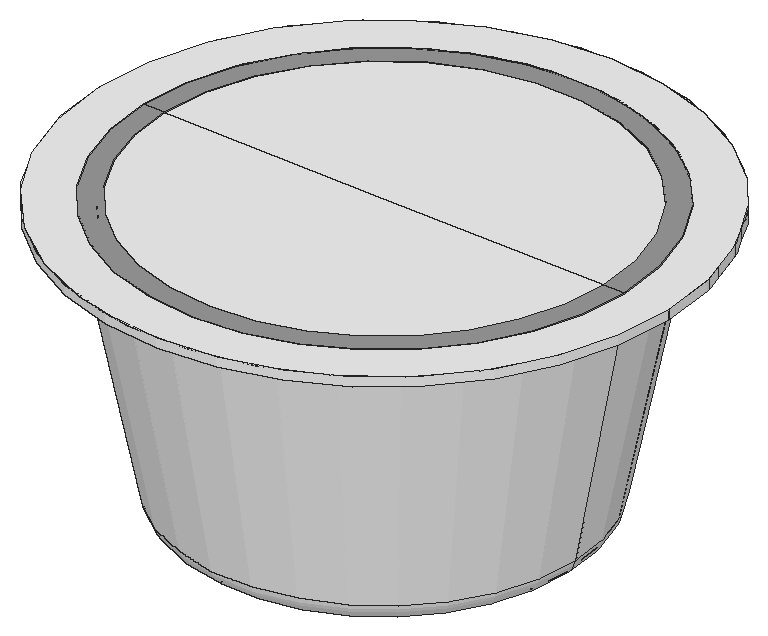
Revit family "2060698", category Lighting Fixtures, host Face, Revit 2018
Family settings
  Host = Face
  Round Connector Dimension = Use Diameter
  Part Type = Normal
  OmniClass Number = 23.80.70.11.17
  OmniClass Title = Specialized Lighting by Location or Use
  Cut with Voids When Loaded = No
  Light Source = Yes
  Shared = No
  Room Calculation Point = No
Parameters (values of type "2060698 ASC100 II ARCH 940 3K IP65 DALI 160")
  WidthBezelAcc_SYL = 25.0 mm
  Weight = "n/a"
  Wattage = 7 W
  WarrantyStartDate [instance] = "n/a"
  WarrantyGuarantorParts = "n/a"
  WarrantyDurationUnit = "n/a"
  WarrantyDurationParts = ""
  WarrantyDescription = "http://www.sylvania-lighting.com"
  built-in parameter 1150110 = 1 (stored number, unit not read)
  Voltage = 0 V
  VisibilityAccessory_SYL = no
  TypeName = "ASCENT 100 II ARCH 940 3K IP65 DALI 160"
  built-in parameter 1114217 = 1 (stored number, unit not read)
  Tilt Angle = -90°
  built-in parameter 1150109 = 1 (stored number, unit not read)
  built-in parameter 1150134 = (empty or 0)
  built-in parameter 1150113 = 1 (stored number, unit not read)
  SerialNumber [instance] = "n/a"
  ReflectorRadius_SYL = Radius_SYL - 14.5 mm  # 80.0 mm
  RadiusAcc_SYL = 104.5 mm
  Radius_SYL = 94.5 mm
  URL = "0.95"
  PowerFactor = 0
  PowerConsumption = "Lighting"
  Photometric Web File = "2060698.ies"
  NominalWidth = 0.0 mm
  NominalLength = 209.0 mm
  NominalHeight = 94.0 mm
  Name = "ASCENT 100 II ARCH 940 3K IP65 DALI 160"
  ModelReference = "ASCENT 100 II ARCH 940 3K IP65 DALI 160"
  ModelNumber = "2060698"
  Material_4_SYL = none
  Material_3_SYL = Polycarbonate_Sylvania_Ascent_Opal
  Material_2_SYL = Aluminium_Sylvania_Ascent_Silver
  Material_1_SYL = Aluminum_Sylvania_Ascent_White
  Material = "Feilo Sylvania"
  ManufacturerName = "134 lm/W"
  LuminousEfficacy = ""
  built-in parameter 1150105 = 76.872 (stored number, unit not read)
  Lumens = 966 lm
  LuminaireType = "0"
  built-in parameter 1150115 = 1 (stored number, unit not read)
  LightOutputRatio = "LED"
  built-in parameter 1150137 = (empty or 0)
  built-in parameter 1150139 = (empty or 0)
  LampsType = Lamp  # "n/a"
  LampNominalLuminous = "3000 K"
  LampMacAdamStep = "80"
  LampColourTemperature = "LED"
  LampColourRenderingIndex = "16500"
  built-in parameter 1150112 = 1 (stored number, unit not read)
  built-in parameter 1150114 = 1 (stored number, unit not read)
  Keynote = "n/a"
  InstallationDate [instance] = "n/a"
  InputVoltage = "0"
  InputNominalFrequency = "3000"
  built-in parameter 1150132 = (empty or 0)
  built-in parameter 1150102 = (empty or 0)
  built-in parameter 1150107 = 3000 (stored number, unit not read)
  built-in parameter 1150138 = (empty or 0)
  IngressProtection = "IfcLightFixtureType"
  ImpactProtectionIndex = "IfcLightFixtureType"
  built-in parameter 1150106 = 0.76872 (stored number, unit not read)
  IfcExportType = "IfcLightFixtureType"
  IfcExportAs = "Class II"
  HeightAcc_SYL = 7.0 mm
  Height = 96.0 mm
  ExpectedLife = 50000
  EmittionSurface_SYL = if(VisibilityAccessory_SYL, 7.0 mm, 3.0 mm)  # 3.0 mm
  Emit from Circle Diameter = DiffuserRadius_SYL * 2  # 146.0 mm
  Emit Shape Visible in Rendering = no
  ElectricShockClassification = "134"
  built-in parameter 1150104 = 12.821 (stored number, unit not read)
  DurationUnit = "hours"
  DocumentationLiterature = "http://www.sylvania-lighting.com/product/en-int/products/2060698"
  DimmingControlOptions = "n/a"
  Dimming Lamp Color Temperature Shift = <None>
  DiffuserRadius_SYL = ReflectorRadius_SYL - 7.0 mm  # 73.0 mm
  Diameter_SYL = 2 * Radius_SYL  # 189.0 mm
  CutoutDiameter_SYL = Diameter_SYL - 13.0 mm  # 176.0 mm
  CreatedOn = "08/06/2021"
  CreatedBy = "@sylvania-lighting.com"
  Color Filter = 16777215
  built-in parameter 1114216 [instance] = 1 (stored number, unit not read)
  Model = "ASCENT 100 II ARCH 940 3K IP65 DALI 160"
  Manufacturer = ""
  Lamp = "n/a"
  Description = "Direct LED retro fit for original LED 100 Arch (160) single CFL lamp offering Matching lumen levels and improved light distribution of original LED 100 CFL lamp equivalents Typically half the power consumption compared to CFL Up to 112lm/W 160mm aperture Architectural reflector accepts range of glass accessories from existing LED 100 Arch 160 offering HE, HO and VHO versions equivalent of single 1 x 18W, 1 x 32W, 1 x 42W\r\n Additional VVHO versions which offer the performance circa 2 x 32W equivalent"  # constant formula
  Default Elevation = 0.0 mm
  built-in parameter 1140040 [instance] = 1
  BarCode [instance] = "n/a"
  built-in parameter 1114218 = 1 (stored number, unit not read)
  built-in parameter 1150133 = 10 (stored number, unit not read)
  AssetType = "Fixed"
  AssetIdentifier [instance] = "n/a"
  Assembly Code = "D5020200"
  Apparent Load = 7 VA
  Aperture_SYL = 2 * ReflectorRadius_SYL  # 160.0 mm
Reference planes
  plane 1 "Center (Front/Back)": y = 0
  plane 2: z = 0
  plane 3 "Center (Left/Right)": x = 0
  plane 4 "Fixture Bottom": z = 3
  plane 5: z = -52.5
  plane 6 "Fixture Top": z = -89
  plane 7: x = -104.5
  plane 8: z = 7
  plane 9: x = -79.5
  plane 10: z = 5
  plane 11: x = -102.5
Forms (mm)
  Extrusion 1, solid, material "Aluminum_Sylvania_Ascent_White", detail levels fine
    sketch origin (0, 0, 0) x (1, 0, 0) y (0, 1, 0)
      loop
        circle (0, 0) r 94.5
      loop
        circle (0, 0) r 80
    from 0 to 3
  Extrusion 2, void
    sketch origin (0, 0, 0) x (1, 0, 0) y (0, 1, 0)
      loop
        circle (0, 0) r 88
    from -89 to 3
  Revolve 3, solid, material "Aluminum_Sylvania_Ascent_White" <- "Material_1_SYL", detail levels fine
    sketch origin (0, 0, 0) x (1, 0, 0) y (0, 0, 1)
      loop
        line (0, -89.073) -> (0, -87.023) -> (-55.468, -87.014)
        arc (-55.468, -87.014) -> (-59.352, -85.613) -> (-61.54, -82.139) r 6.307
        line (-61.54, -82.139) -> (-77.991, -2.838) -> (-77.991, 0) -> (-80, 0) -> (-80, -3) -> (-63.5, -82.536)
        arc (-63.5, -82.536) -> (-60.643, -87.203) -> (-55.5, -89.073) r 8.291
        line (-55.5, -89.073) -> (0, -89.073)
      axis (0, 0) -> (0, -89.073)
    angle from 0 to 360
  Revolve 4, solid, material "Aluminium_Sylvania_Ascent_Silver" <- "Material_2_SYL", detail levels fine
    sketch origin (0, 0, 0) x (1, 0, 0) y (0, 0, 1)
      loop
        line (-80, 3) -> (-80, 0) -> (-75, 0)
        arc (-75, 0) -> (-72.349, -26.77) -> (-64.5, -52.5) r 136.5
        line (-64.5, -52.5) -> (-58, -52.5)
        arc (-58, -52.5) -> (-56.857, -61.521) -> (-53.5, -69.971) r 36.166
        line (-53.5, -69.971) -> (0, -69.971) -> (0, -50.5) -> (-63.16, -50.5)
        arc (-63.16, -50.5) -> (-70.517, -25.725) -> (-73, 0) r 134.5
        line (-73, 0) -> (-73, 3) -> (-80, 3)
      axis (0, 3) -> (0, -69.971)
    angle from 0 to 360
  Revolve 5, solid, material "Aluminum_Sylvania_Ascent_White" <- "Material_1_SYL", detail levels medium+fine
    sketch origin (0, 0, 0) x (1, 0, 0) y (0, 0, 1)
      loop
        line (0, -89.073) -> (0, 3) -> (-94.5, 3) -> (-94.5, 0) -> (-79.5, 0) -> (-79.5, -3) -> (-63, -82.536)
        arc (-63, -82.536) -> (-60.143, -87.203) -> (-55, -89.073) r 8.291
        line (-55, -89.073) -> (0, -89.073)
      axis (0, 3) -> (0, -89.073)
    angle from 0 to 360
  Revolve 6, solid, material "Aluminum_Sylvania_Ascent_White" <- "Material_1_SYL", visible <- "VisibilityAccessory_SYL", detail levels medium+fine
    sketch origin (0, 0, 0) x (1, 0, 0) y (0, 0, 1)
      loop
        line (-104.5, 0) -> (-102.5, 0) -> (-102.5, 5) -> (-79.5, 5) -> (-79.5, 7) -> (-104.5, 7) -> (-104.5, 0)
      axis (0, 7) -> (0, 0)
    angle from 0 to 360
  Extrusion 7, solid, detail levels coarse
    sketch origin (0, 0, 0) x (1, 0, 0) y (0, 0, 1)
      loop
        line (104.421, 7) -> (-104.5, 7) -> (-104.5, -89) -> (104.421, -89) -> (104.421, 7)
    from -104.368 to 104.563
Lines and regions (mm)
  reference lines
    curve 1: line (-149.5, 0, 3) -> (125, 0, 3)
Dimensions and locks
  locked: plane 4 "Fixture Bottom" to plane 2 at 3
  "ReflectorRadius_SYL": plane 3 "Center (Left/Right)" to Revolve 4 sketch curve
  locked: Revolve 4 sketch curve to Revolve 4 sketch curve at 15.5
  locked: Revolve 4 sketch curve to Revolve 4 sketch curve at 5
  locked: Revolve 4 sketch curve to Revolve 4 sketch curve at 7
  locked: Revolve 4 sketch curve to Revolve 4 sketch curve at 22
  locked: Revolve 4 sketch curve to Revolve 4 sketch curve at 26.5
  locked: Revolve 3 sketch curve to Revolve 3 sketch curve at 16.5
  locked: Revolve 3 sketch curve to Revolve 3 sketch curve at 24.5
  "ReflectorRadius_SYL": Revolve 3 sketch curve to plane 3 "Center (Left/Right)"
  locked: Revolve 3 sketch curve to plane 6 "Fixture Top" at 6.464
  locked: plane 2 to Revolve 3 sketch curve at 3
  locked: Revolve 3 sketch curve to Revolve 3 sketch curve at 2
  locked: Revolve 3 sketch curve to Revolve 3 sketch curve at 2.009
  locked: plane 2 to plane 5 at 52.5
  locked: Revolve 5 sketch curve to Revolve 5 sketch curve at 31.5
  locked: Revolve 5 sketch curve to Revolve 5 sketch curve at 39.5
  locked: Revolve 5 sketch curve to Revolve 5 sketch curve at 15
  "Radius_SYL": plane 3 "Center (Left/Right)" to Revolve 5 sketch curve
  "RadiusAcc_SYL": plane 3 "Center (Left/Right)" to plane 7
  "HeightAcc_SYL": plane 8 to level
  locked: plane 7 to plane 11 at 2
  locked: plane 8 to plane 10 at 2
  "Height": plane 6 "Fixture Top" to plane 8
  "CutoutDiameter_SYL": diameter of Extrusion 2 sketch curve
  "ReflectorRadius_SYL": radius of Extrusion 1 sketch curve
  "Radius_SYL": radius of Extrusion 1 sketch curve
  aligned and locked: host face to plane 2
  aligned and locked: host face to level
  aligned and locked: plane 4 "Fixture Bottom" to Extrusion 1
  aligned and locked: Extrusion 1 to plane 2
  aligned and locked: Revolve 3 sketch curve to plane 3 "Center (Left/Right)"
  aligned and locked: Revolve 4 sketch curve to plane 3 "Center (Left/Right)"  (x2)
  aligned and locked: plane 4 "Fixture Bottom" to Revolve 4 sketch curve
  aligned and locked: plane 2 to Revolve 3 sketch curve  (x2)
  aligned and locked: Revolve 5 sketch curve to plane 3 "Center (Left/Right)"
  aligned and locked: plane 6 "Fixture Top" to Extrusion 2
  aligned and locked: Revolve 6 sketch curve to plane 3 "Center (Left/Right)"
  aligned and locked: host face to Revolve 6 sketch curve  (x2)
  aligned and locked: Revolve 6 sketch curve to plane 7
  aligned and locked: plane 8 to Revolve 6 sketch curve
  aligned and locked: plane 9 to Revolve 6 sketch curve
  aligned and locked: Revolve 6 sketch curve to plane 10
  aligned and locked: plane 11 to Revolve 6 sketch curve
  aligned and locked: plane 3 "Center (Left/Right)" to imposter light
  aligned and locked: imposter light to plane 1 "Center (Front/Back)"
  aligned and locked: imposter light to curve 1
Automatic sketch dimensions
  plane 1 "Center (Front/Back)" to Extrusion 2 sketch curve = 0.0 mm
  Extrusion 2 sketch curve to plane 3 "Center (Left/Right)" = 0.0 mm
  Extrusion 1 sketch curve to Extrusion 1 sketch curve = 0.0 mm  (x2)
  plane 1 "Center (Front/Back)" to Extrusion 1 sketch curve = 0.0 mm
  Extrusion 1 sketch curve to plane 3 "Center (Left/Right)" = 0.0 mm
  plane 6 "Fixture Top" to Revolve 3 sketch curve = 0.073 mm
  Revolve 3 sketch curve to plane 6 "Fixture Top" = 6.861 mm
  Revolve 3 sketch curve to Revolve 3 sketch curve = 0.003 mm
  Revolve 3 sketch curve to Revolve 3 sketch curve = 0.009 mm  (x2)
  Revolve 3 sketch curve to Revolve 3 sketch curve = 0.023 mm
  Revolve 3 sketch curve to Revolve 3 sketch curve = 0.072 mm
  Revolve 3 sketch curve to Revolve 3 sketch curve = 0.008 mm
  Revolve 3 sketch curve to plane 6 "Fixture Top" = 1.977 mm
  Revolve 3 sketch curve to Revolve 3 sketch curve = 33.496 mm
  Revolve 3 sketch curve to Revolve 3 sketch curve = 0.028 mm
  plane 4 "Fixture Bottom" to Revolve 3 sketch curve = 82.431 mm
  Revolve 4 sketch curve to Revolve 4 sketch curve = 0.0 mm  (x2)
  Revolve 4 sketch curve to plane 5 = 0.0 mm
  Revolve 4 sketch curve to level = 0.0 mm
  plane 5 to Revolve 4 sketch curve = 2.0 mm
  plane 4 "Fixture Bottom" to Revolve 4 sketch curve = 9.642 mm
  Revolve 4 sketch curve to level = 69.971 mm
  Revolve 4 sketch curve to Revolve 4 sketch curve = 2.387 mm
  Revolve 5 sketch curve to level = 0.0 mm
  Revolve 5 sketch curve to plane 3 "Center (Left/Right)" = 0.0 mm
  Revolve 5 sketch curve to Revolve 5 sketch curve = 8.104 mm
  Revolve 5 sketch curve to level = 3.0 mm
  Revolve 5 sketch curve to plane 6 "Fixture Top" = 6.464 mm
  plane 6 "Fixture Top" to Revolve 5 sketch curve = 0.073 mm
  Revolve 5 sketch curve to Revolve 5 sketch curve = 33.496 mm
  plane 4 "Fixture Bottom" to Revolve 5 sketch curve = 82.431 mm
  host sketch curve to host sketch curve = 1704.996 mm
  host sketch curve to host sketch curve = 1500.0 mm
  plane 6 "Fixture Top" to Revolve 6 sketch curve = 281.274 mm
  Revolve 6 sketch curve to plane 8 = 1140.706 mm
  Revolve 3 sketch curve to plane 3 "Center (Left/Right)" = 0.0 mm
  Revolve 5 sketch curve to plane 4 "Fixture Bottom" = 0.0 mm
  plane 7 to curve 1 = 45.0 mm
  plane 3 "Center (Left/Right)" to curve 1 = 125.0 mm
  curve 1 to plane 4 "Fixture Bottom" = 0.0 mm
  plane 7 to Extrusion 7 sketch curve = 0.0 mm
  Extrusion 7 sketch curve to plane 6 "Fixture Top" = 0.0 mm
  Extrusion 7 sketch curve to plane 8 = 0.0 mm
  plane 3 "Center (Left/Right)" to Extrusion 7 sketch curve = 104.421 mm
Connectors
  electrical at (0, 0, -89.073), driven by "Apparent Load"
    settings: on Revolve 3, index 1, voltage 240 V, apparent load 0 VA, apparent load phase1 7 VA, apparent load phase2 0 VA, apparent load phase3 0 VA, power factor 1, load classification "Lighting", number of poles 1, system type 31, power factor state 1, is connector primary yes, connector utility no, sub classification motor no, connector description ""
